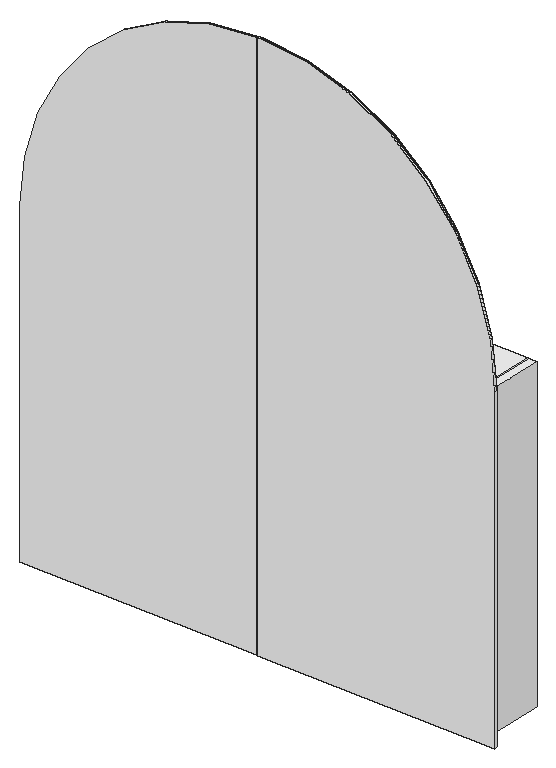
Revit family "Reece_Mirror_Kado_Neue_Mirror Cabinet_900 x 1050 mm", category Casework, Revit 2018
Family settings
  Work Plane-Based = Yes
  Always vertical = Yes
  Cut with Voids When Loaded = Yes
  Shared = Yes
  Room Calculation Point = Yes
Parameters (values of type "902 mm x 1051 mm x 120 mm_2 Doors")
  URL = "https://www.reece.com.au/product/-2351625"
  Type Comments = "Mirror"
  Reece_Product_Web Page = "https://www.reece.com.au/product/-2351625"
  Reece_Product_Type = "Mirror"  # constant formula
  Reece_Product_Sub Brand = "Neue"  # constant formula
  Reece_Product_Number = "2351625"
  Reece_Product_Mount = "Wall Mounted"
  Reece_Product_Finishes_Web Page = "https://digitalassets.reecegroup.com.au/m/803d5819bd3bd41/original/Material-and-Finishes-Kado-Shaving-Cabinets.pdf"
  Reece_Product_Description = "Kado Neue Arch 900 x 1050mm 2 Door Mirrored Shave Cabinet"
  Reece_Product_Brand = "Kado"  # constant formula
  Reece_Overall_Width = 902 mm  # constant formula
  Reece_Overall_Height = 1051 mm  # constant formula
  Reece_Overall_Depth = 120 mm  # constant formula
  Reece_Material_Secondary = Reece_Plastic_White
  Reece_Material_Main = Reece_Glass_Mirror
  Reece_Material_Cabinet = Reece_Solid_Surface_Matte_White
  Reece_Height_From_Level [instance] = 1000 mm
  Reece_GPO_Offset [instance] = if(Reece_GPO_Mirrored, 902 mm - 240 mm, 240 mm)  # 240 mm
  Reece_GPO_Mirrored [instance] = no
  Reece_Fixed_Shelf_Offset [instance] = if(Reece_Fixed_Shelf, 150 mm, 0 mm)  # 0 mm
  Reece_Fixed_Shelf [instance] = no
  Reece_Detail_Shape = ""
  Reece_Detail_Installation = ""
  Reece_Detail_Disclaimer = "THIS FILE IS THE PROPERTY OF THE REECE GROUP. IT MAY NOT BE REPRODUCED, REVERSE-ENGINEERED OR MODIFIED. ANY REPUBLICATION, TRANSMISSION OR DISTRIBUTION FOR THE PURPOSE OF COMMERCIALLY EXPLOITING THE FILES IS PROHIBITED."  # constant formula
  Reece_Detail_Connector = ""
  Reece_Detail_Additional = ""
  Model = "Neue"
  Manufacturer = "Kado"
  Keynote = "Product #2351625, Reece_Mirror_Kado_Neue_Mirror Cabinet_900 x 1050 mm - 902 mm x 1051 mm x 120 mm_2 Doors"
  Finish = "Please refer to Colour, Finish and Material Variations Document for more information."  # constant formula
  Disclaimer = "THIS FILE IS THE PROPERTY OF THE REECE GROUP. IT MAY NOT BE REPRODUCED, REVERSE-ENGINEERED OR MODIFIED. ANY REPUBLICATION, TRANSMISSION OR DISTRIBUTION FOR THE PURPOSE OF COMMERCIALLY EXPLOITING THE FILES IS PROHIBITED."  # constant formula
  Description = "Kado Neue Arch 900 x 1050mm 2 Door Mirrored Shave Cabinet"
  Default Elevation = 0 mm
Reference planes
  plane 1 "Center (Front/Back)": y = 0
  plane 2 "Bottom Cabinet Plane": z = 1000
  plane 3 "Center (Left/Right)": x = 0
  plane 4: x = -451
  plane 5 "Mirror Front Face": y = -120
  plane 6: x = 451
  plane 7 "Top Host Plane": z = 2051
  plane 8: y = -100
  plane 9: z = 1604
  plane 10 "Invisible Line RP": z = -5
  plane 11 "Bottom Host Plane": z = 0
  plane 12: z = 1588
  plane 13: x = 439
  plane 14: x = -439
  plane 15: x = -423
  plane 16: x = 423
  plane 17 "Mirror Backing": y = -110
  plane 18: z = 1016
  plane 19: z = 1032
  plane 20: y = -16
  plane 21: z = 1262
  plane 22: z = 1441
  plane 23: z = 1425
  plane 24: z = 1278
  plane 25: x = 423
  plane 26: z = 1180
  plane 27: x = -211
  plane 28: x = -423
  plane 29: x = 1.305
  plane 30: x = -1.305
  plane 31: z = 2056
  plane 32: y = -114
Forms (mm)
  Extrusion 1, solid, material "Reece_Solid_Surface_Matte_White" <- "Reece_Material_Cabinet"
    sketch origin (0, 0, 0) x (1, 0, 0) y (0, 0, 1)
      loop
        line (-439, 1604) -> (-439, 1016) -> (-423, 1016) -> (-423, 1604) -> (-439, 1604)
    from 0 to 100
  Extrusion 2, solid, material "Reece_Solid_Surface_Matte_White" <- "Reece_Material_Cabinet"
    sketch origin (0, 0, 0) x (1, 0, 0) y (0, 0, 1)
      loop
        line (423, 1604) -> (423, 1016) -> (439, 1016) -> (439, 1604) -> (423, 1604)
    from 0 to 100
  Extrusion 3, solid, material "Reece_Solid_Surface_Matte_White" <- "Reece_Material_Cabinet"
    sketch origin (0, 0, 0) x (1, 0, 0) y (0, 0, 1)
      loop
        line (-423, 1604) -> (-423, 1588) -> (423, 1588) -> (423, 1604) -> (-423, 1604)
    from 0 to 100
  Extrusion 4, solid, material "Reece_Solid_Surface_Matte_White" <- "Reece_Material_Cabinet"
    sketch origin (0, 0, 0) x (1, 0, 0) y (0, 0, 1)
      loop
        line (-423, 1032) -> (-423, 1016) -> (423, 1016) -> (423, 1032) -> (-423, 1032)
    from 0 to 100
  Extrusion 5, solid, material "Reece_Solid_Surface_Matte_White" <- "Reece_Material_Cabinet"
    sketch origin (0, 0, 0) x (1, 0, 0) y (0, 0, 1)
      loop
        line (-423, 1588) -> (-423, 1032) -> (423, 1032) -> (423, 1588) -> (-423, 1588)
    from 0 to 16
  Extrusion 6, solid, material "Reece_Solid_Surface_Matte_White" <- "Reece_Material_Cabinet"
    sketch origin (0, 0, 0) x (1, 0, 0) y (0, 0, 1)
      loop
        line (-423, 1441) -> (-423, 1425) -> (423, 1425) -> (423, 1441) -> (-423, 1441)
    from 16 to 100
  Extrusion 7, solid, material "Reece_Solid_Surface_Matte_White" <- "Reece_Material_Cabinet"
    sketch origin (0, 0, 0) x (1, 0, 0) y (0, 0, 1)
      loop
        line (-423, 1278) -> (-423, 1262) -> (423, 1262) -> (423, 1278) -> (-423, 1278)
    from 16 to 100
  Blend 8, solid, material "Reece_Solid_Surface_Matte_White" <- "Reece_Material_Cabinet"
    base sketch origin (0, 0, 0) x (1, 0, 0) y (0, 0, 1)
      loop
        line (-441, 1605.998) -> (-441, 1010) -> (441, 1010) -> (441, 1605.998)
        arc (441, 1605.998) -> (313.591, 1913.59) -> (6, 2040.998) r 435
        line (6, 2040.998) -> (1.305, 2040.998) -> (-1.305, 2040.998) -> (-6, 2040.998)
        arc (-6, 2040.998) -> (-313.591, 1913.59) -> (-441, 1605.998) r 435
    top sketch origin (0, 0, 0) x (1, 0, 0) y (0, 0, 1)
      loop
        line (-451, 1605.998) -> (-451, 1000) -> (451, 1000) -> (451, 1605.998)
        arc (451, 1605.998) -> (320.663, 1920.661) -> (6, 2050.998) r 445
        line (6, 2050.998) -> (1.305, 2050.998) -> (-1.305, 2050.998) -> (-6, 2050.998)
        arc (-6, 2050.998) -> (-320.663, 1920.661) -> (-451, 1605.998) r 445
    from 100 to 110
  Extrusion 9, void
    sketch origin (0, 0, 0) x (1, 0, 0) y (0, 0, 1)
      loop
        line (-1.305, 2056) -> (-1.305, 1000) -> (1.305, 1000) -> (1.305, 2056) -> (-1.305, 2056)
    from 100 to 120
  Extrusion 10, solid, material "Reece_Glass_Mirror" <- "Reece_Material_Main"
    sketch origin (0, 0, 0) x (1, 0, 0) y (0, 0, 1)
      loop
        arc (-6, 2050.998) -> (-320.663, 1920.661) -> (-451, 1605.998) r 445
        line (-451, 1605.998) -> (-451, 1000) -> (-1.305, 1000) -> (-1.305, 2050.998) -> (-6, 2050.998)
      loop
        arc (451, 1605.998) -> (320.663, 1920.661) -> (6, 2050.998) r 445
        line (6, 2050.998) -> (1.305, 2050.998) -> (1.305, 1000) -> (451, 1000) -> (451, 1605.998)
    from 110 to 114
Cuts and joins
  Extrusion 9 cuts Blend 8
Lines and regions (mm)
  model lines, style "InvisibleLines"
    curve 1: line (0, 0, -5) -> (0, 0, 1000)
Text (mm)
  text "Reece ©" at (2750.254, -2396.412, 2870.147), in view "Reece Preview"
  text "Reece Copyright © 2018, Reece Ltd." at (-526.759, -443.435, 0), in view "Ref. Level"
Dimensions and locks
  "Reece_Overall_Height": plane 7 "Top Host Plane" to plane 2 "Bottom Cabinet Plane"
  "Reece_Overall_Width": plane 6 to plane 4
  "Reece_Overall_Depth": plane 1 "Center (Front/Back)" to plane 5 "Mirror Front Face"
  locked: plane 1 "Center (Front/Back)" to plane 8 at 100
  level to plane 10 "Invisible Line RP" = 5 mm
  equal spacing: plane 6, plane 3 "Center (Left/Right)", plane 4
  locked: plane 9 to plane 12 at 16
  locked: plane 13 to plane 6 at 12
  locked: plane 14 to plane 4 at 12
  locked: plane 15 to plane 14 at 16
  locked: plane 16 to plane 13 at 16
  locked: plane 17 "Mirror Backing" to plane 5 "Mirror Front Face" at 10
  locked: plane 19 to plane 18 at 16
  locked: plane 1 "Center (Front/Back)" to plane 20 at 16
  locked: plane 22 to plane 23 at 16
  locked: plane 21 to plane 19 at 230
  locked: plane 24 to plane 21 at 16
  locked: plane 23 to plane 24 at 147
  "Reece_Fixed_Shelf_Offset": plane 25 to plane 16
  plane 26 to plane 19 = 148 mm
  locked: plane 18 to plane 2 "Bottom Cabinet Plane" at 16
  locked: plane 12 to plane 22 at 147
  "Reece_Fixed_Shelf_Offset": plane 28 to plane 15
  locked: plane 29 to plane 30 at 2.5
  equal spacing: plane 29, plane 3 "Center (Left/Right)", plane 30
  plane 31 to plane 7 "Top Host Plane" = 5 mm
  "Reece_Height_From_Level": plane 2 "Bottom Cabinet Plane" to plane 11 "Bottom Host Plane"
  plane 28 to plane 25 = 846 mm
  "Reece_GPO_Offset": plane 27 to plane 4
  aligned and locked: plane 2 "Bottom Cabinet Plane" to curve 1
  aligned and locked: plane 10 "Invisible Line RP" to curve 1
  aligned and locked: plane 3 "Center (Left/Right)" to curve 1
  aligned and locked: Extrusion 2 sketch curve to plane 16
  aligned and locked: Extrusion 2 sketch curve to plane 18
  aligned and locked: plane 13 to Extrusion 2 sketch curve
  aligned and locked: plane 16 to Extrusion 3 sketch curve
  aligned and locked: Extrusion 3 sketch curve to plane 9
  aligned and locked: plane 15 to Extrusion 3 sketch curve
  aligned and locked: Extrusion 3 sketch curve to plane 12
  aligned and locked: plane 16 to Extrusion 4 sketch curve
  aligned and locked: Extrusion 4 sketch curve to plane 19
  aligned and locked: plane 15 to Extrusion 4 sketch curve
  aligned and locked: Extrusion 4 sketch curve to plane 18
  aligned and locked: Extrusion 1 to plane 8
  aligned and locked: Extrusion 1 to plane 1 "Center (Front/Back)"
  aligned and locked: Extrusion 2 to plane 8
  aligned and locked: Extrusion 3 to plane 8
  aligned and locked: Extrusion 4 to plane 8
  aligned and locked: Extrusion 2 to plane 1 "Center (Front/Back)"
  aligned and locked: plane 1 "Center (Front/Back)" to Extrusion 1  (x5)
  aligned and locked: plane 16 to Extrusion 5 sketch curve
  aligned and locked: Extrusion 5 sketch curve to plane 12
  aligned and locked: plane 15 to Extrusion 5 sketch curve
  aligned and locked: Extrusion 5 sketch curve to plane 19
  aligned and locked: plane 20 to Extrusion 5
  aligned and locked: Extrusion 5 to plane 1 "Center (Front/Back)"
  aligned and locked: Extrusion 6 sketch curve to plane 23
  aligned and locked: Extrusion 6 sketch curve to plane 22
  aligned and locked: plane 16 to Extrusion 6 sketch curve
  aligned and locked: plane 15 to Extrusion 6 sketch curve
  aligned and locked: Extrusion 1 to plane 18
  aligned and locked: Extrusion 7 sketch curve to plane 24
  aligned and locked: plane 25 to Extrusion 7 sketch curve
  aligned and locked: Extrusion 6 to plane 8
  aligned and locked: Extrusion 7 to plane 8
  aligned and locked: Extrusion 6 to plane 20
  aligned and locked: Extrusion 7 to plane 20
  aligned and locked: nested 1 to plane 27
  aligned and locked: nested 1 to plane 26
  aligned and locked: Extrusion 7 sketch curve to plane 28
  aligned and locked: Blend 8 to plane 17 "Mirror Backing"
  aligned and locked: plane 8 to Blend 8
  aligned and locked: Extrusion 9 sketch curve to plane 29
  aligned and locked: plane 30 to Extrusion 9 sketch curve
  aligned and locked: plane 29 to Extrusion 9
  aligned and locked: Extrusion 9 to plane 30
  aligned and locked: Extrusion 9 to plane 2 "Bottom Cabinet Plane"
  aligned and locked: plane 8 to Extrusion 9
  aligned and locked: plane 31 to Extrusion 9
  aligned and locked: plane 5 "Mirror Front Face" to Extrusion 9
Automatic sketch dimensions
  curve 1 to plane 2 "Bottom Cabinet Plane" = 0 mm
  curve 1 to plane 3 "Center (Left/Right)" = 0 mm
  Extrusion 1 sketch curve to plane 15 = 16 mm
  Extrusion 1 sketch curve to Extrusion 1 sketch curve = 16 mm
  plane 12 to Extrusion 1 sketch curve = 16 mm
  plane 9 to Extrusion 2 sketch curve = 0 mm
  Extrusion 7 sketch curve to plane 21 = 0 mm
  Extrusion 1 sketch curve to plane 18 = 0 mm
  Blend 8 sketch curve to plane 18 = 6 mm
  plane 9 to Blend 8 sketch curve = 1.998 mm  (x4)
  Extrusion 9 sketch curve to plane 7 "Top Host Plane" = 5 mm
  Extrusion 9 sketch curve to plane 2 "Bottom Cabinet Plane" = 0 mm
  Blend 8 sketch curve to plane 2 "Bottom Cabinet Plane" = 0 mm
  Blend 8 sketch curve to plane 4 = 0 mm
  Blend 8 sketch curve to plane 30 = 0 mm  (x2)
  Blend 8 sketch curve to plane 29 = 0 mm  (x2)
  plane 6 to Blend 8 sketch curve = 0 mm
  plane 29 to Blend 8 sketch curve = 4.695 mm  (x2)
  Blend 8 sketch curve to plane 14 = 2 mm
  Blend 8 sketch curve to plane 13 = 2 mm
  Extrusion 10 sketch curve to plane 2 "Bottom Cabinet Plane" = 0 mm  (x2)
  Extrusion 10 sketch curve to plane 4 = 0 mm
  Extrusion 10 sketch curve to plane 30 = 0 mm
  Extrusion 10 sketch curve to plane 29 = 0 mm
  plane 6 to Extrusion 10 sketch curve = 0 mm
  plane 7 "Top Host Plane" to Extrusion 10 sketch curve = 0.002 mm
  Extrusion 10 sketch curve to Extrusion 10 sketch curve = 4.695 mm
  plane 9 to Extrusion 10 sketch curve = 1.998 mm
  plane 29 to Extrusion 10 sketch curve = 4.695 mm
Nested families
  nested 1: "Reece_Mirror Cabinet_GPO_Nested" at (-211, -16, 1180) x (1, 0, 0) z (0, -1, 0), type "Reece_Mirror Cabinet_GPO_Nested"
Definition of nested family "Reece_Mirror Cabinet_GPO_Nested"
  Parameters (values of type "Reece_Mirror Cabinet_GPO_Nested")
    Waste Connection = no
    WFU = 0  # constant formula
    Vent Connection = no
    Reece_Product_Web Page = ""
    Reece_Product_Type = ""
    Reece_Product_Sub Brand = ""
    Reece_Product_Number = ""
    Reece_Product_Mount = ""
    Reece_Product_Description = ""
    Reece_Product_Brand = ""
    Reece_Overall_Width = 120 mm
    Reece_Overall_Height = 77 mm
    Reece_Overall_Depth = 7 mm
    Reece_Material_Main = none
    Reece_GPO_Depth = 5 mm
    Reece_Detail_Shape = ""
    Reece_Detail_Additional = ""
    HWFU = 0  # constant formula
    HW Connection = no
    Default Elevation = 0 mm
    CWFU = 0  # constant formula
    CW Connection = no
  Reference planes
    plane 1 "Center (Front/Back)": y = 0
    plane 2 "Bottom": z = 0
    plane 3 "Center (Left/Right)": x = 0
    plane 4 "Top": z = 5
    plane 5: x = -60
    plane 6: x = 60
    plane 7: y = 38.5
    plane 8: y = -38.5
    plane 9: x = -30
    plane 10: x = 30
    plane 11: y = 16.987
    plane 12: z = 7
  Forms (mm)
    Extrusion 1, solid
      sketch origin (619.2, -619.2, 0) x (1, 0, 0) y (0, 1, 0)
        loop
          line (-809.2, 779.2) -> (-809.2, 461.779) -> (-428.415, 461.779) -> (-428.415, 779.2) -> (-809.2, 779.2)
      from 0 to -9.564
    Extrusion 2, solid, material <- "Reece_Material_Main"
      sketch origin (0, 0, 0) x (1, 0, 0) y (0, 1, 0)
        loop
          arc (-55, 38.5) -> (-58.536, 37.036) -> (-60, 33.5) r 5
          line (-60, 33.5) -> (-60, -33.5)
          arc (-60, -33.5) -> (-58.536, -37.036) -> (-55, -38.5) r 5
          line (-55, -38.5) -> (55, -38.5)
          arc (55, -38.5) -> (58.536, -37.036) -> (60, -33.5) r 5
          line (60, -33.5) -> (60, 33.5)
          arc (60, 33.5) -> (58.536, 37.036) -> (55, 38.5) r 5
          line (55, 38.5) -> (-55, 38.5)
      from 0 to 5
    Extrusion 3, solid, material <- "Reece_Material_Main"
      sketch origin (0, 0, 0) x (1, 0, 0) y (0, 1, 0)
        loop
          arc (-35.5, 24.487) -> (-36.914, 23.901) -> (-37.5, 22.487) r 2
          line (-37.5, 22.487) -> (-37.5, 11.487)
          arc (-37.5, 11.487) -> (-36.914, 10.073) -> (-35.5, 9.487) r 2
          line (-35.5, 9.487) -> (-24.5, 9.487)
          arc (-24.5, 9.487) -> (-23.086, 10.073) -> (-22.5, 11.487) r 2
          line (-22.5, 11.487) -> (-22.5, 22.487)
          arc (-22.5, 22.487) -> (-23.086, 23.901) -> (-24.5, 24.487) r 2
          line (-24.5, 24.487) -> (-35.5, 24.487)
        loop
          arc (24.5, 24.487) -> (23.086, 23.901) -> (22.5, 22.487) r 2
          line (22.5, 22.487) -> (22.5, 11.487)
          arc (22.5, 11.487) -> (23.086, 10.073) -> (24.5, 9.487) r 2
          line (24.5, 9.487) -> (35.5, 9.487)
          arc (35.5, 9.487) -> (36.914, 10.073) -> (37.5, 11.487) r 2
          line (37.5, 11.487) -> (37.5, 22.487)
          arc (37.5, 22.487) -> (36.914, 23.901) -> (35.5, 24.487) r 2
          line (35.5, 24.487) -> (24.5, 24.487)
      from 5 to 7
    Extrusion 4, void
      sketch origin (0, 0, 0) x (1, 0, 0) y (0, 1, 0)
        loop
          line (-31, -16.472) -> (-31, -24.472) -> (-29, -24.472) -> (-29, -16.472) -> (-31, -16.472)
        loop
          line (-33.557, -5.789) -> (-38.7, -11.918) -> (-37.168, -13.203) -> (-32.025, -7.075) -> (-33.557, -5.789)
        loop
          line (-26.443, -5.789) -> (-27.975, -7.075) -> (-22.832, -13.203) -> (-21.3, -11.918) -> (-26.443, -5.789)
        loop
          line (29, -16.472) -> (29, -24.472) -> (31, -24.472) -> (31, -16.472) -> (29, -16.472)
        loop
          line (26.443, -5.789) -> (21.3, -11.918) -> (22.832, -13.203) -> (27.975, -7.075) -> (26.443, -5.789)
        loop
          line (33.557, -5.789) -> (32.025, -7.075) -> (37.168, -13.203) -> (38.7, -11.918) -> (33.557, -5.789)
      from 0 to 5
  Cuts and joins
    Extrusion 4 cuts Extrusion 2
  Text (mm)
    text "Reece Copyright © 2018, Reece Ltd." at (-1403.988, -1192.393, 0), in view "Ref. Level"
    text "Reece ©" at (44.384, 258.95, 192.345), in view "Reece Preview"
  Dimensions and locks
    "Reece_Overall_Width": plane 5 to plane 6
    equal spacing: plane 5, plane 3 "Center (Left/Right)", plane 6
    "Reece_Overall_Height": plane 7 to plane 8
    equal spacing: plane 7, plane 1 "Center (Front/Back)", plane 8
    plane 5 to plane 9 to plane 3 "Center (Left/Right)" to plane 10 to plane 6 = 30 mm, 30 mm, 30 mm, 30 mm
    Extrusion 3 sketch curve to Extrusion 3 sketch curve = 15 mm
    "Reece_GPO_Depth": plane 4 "Top" to plane 2 "Bottom"
    "Reece_Overall_Depth": plane 12 to plane 2 "Bottom"
    aligned and locked: plane 2 "Bottom" to Extrusion 1
    aligned and locked: level to Extrusion 1
    aligned and locked: Extrusion 2 sketch curve to plane 6
    aligned and locked: plane 8 to Extrusion 2 sketch curve
    aligned and locked: plane 5 to Extrusion 2 sketch curve
    aligned and locked: Extrusion 2 sketch curve to plane 7
    aligned and locked: plane 4 "Top" to Extrusion 2
    aligned and locked: plane 12 to Extrusion 3
    aligned and locked: Extrusion 3 to plane 4 "Top"
    aligned and locked: Extrusion 2 to plane 4 "Top"
    aligned and locked: Extrusion 2 to plane 2 "Bottom"
    aligned and locked: plane 4 "Top" to Extrusion 4
  Automatic sketch dimensions
    Extrusion 1 sketch curve to Extrusion 1 sketch curve = 380.785 mm
    Extrusion 1 sketch curve to Extrusion 1 sketch curve = 317.421 mm
    plane 5 to Extrusion 2 sketch curve = 5 mm  (x2)
    Extrusion 2 sketch curve to plane 6 = 5 mm  (x2)
    Extrusion 3 sketch curve to plane 9 = 7.5 mm
    Extrusion 3 sketch curve to Extrusion 3 sketch curve = 2 mm  (x7)
    Extrusion 3 sketch curve to plane 10 = 7.5 mm
    plane 10 to Extrusion 3 sketch curve = 5.5 mm  (x2)
    Extrusion 3 sketch curve to plane 11 = 7.5 mm  (x2)
    plane 11 to Extrusion 3 sketch curve = 5.5 mm  (x2)
    Extrusion 4 sketch curve to plane 9 = 8.7 mm
    Extrusion 4 sketch curve to Extrusion 4 sketch curve = 1.532 mm  (x4)
    Extrusion 4 sketch curve to plane 9 = 3.557 mm
    Extrusion 4 sketch curve to plane 9 = 1 mm
    plane 9 to Extrusion 4 sketch curve = 1 mm
    plane 9 to Extrusion 4 sketch curve = 2.025 mm
    Extrusion 4 sketch curve to Extrusion 4 sketch curve = 6.168 mm  (x2)
    Extrusion 4 sketch curve to plane 10 = 8.7 mm
    Extrusion 4 sketch curve to plane 10 = 3.557 mm
    Extrusion 4 sketch curve to plane 10 = 1 mm
    plane 10 to Extrusion 4 sketch curve = 1 mm
    plane 10 to Extrusion 4 sketch curve = 2.025 mm
    plane 8 to Extrusion 4 sketch curve = 14.028 mm  (x2)
    Extrusion 4 sketch curve to Extrusion 4 sketch curve = 8 mm  (x2)
    Extrusion 4 sketch curve to Extrusion 4 sketch curve = 3.268 mm  (x4)
    Extrusion 4 sketch curve to Extrusion 4 sketch curve = 1.286 mm  (x4)
